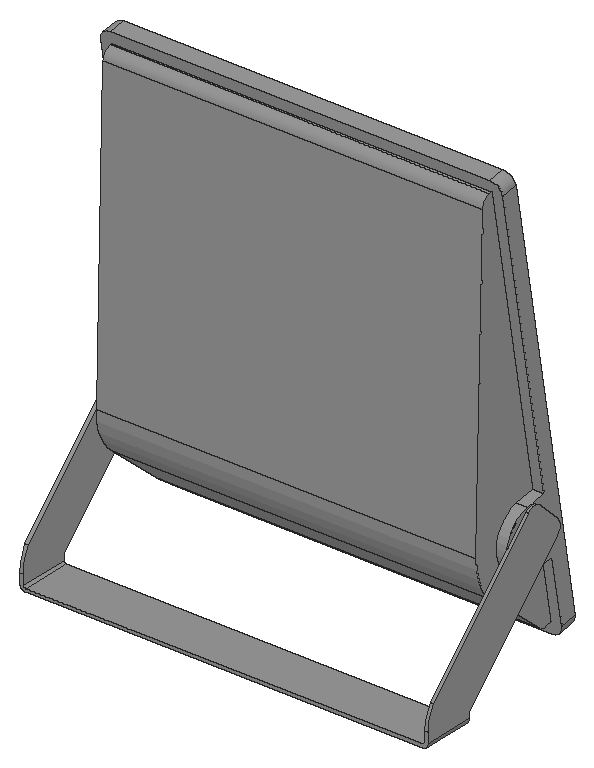
Revit family "0048540", category Lighting Fixtures, host Face, Revit 2017
Family settings
  Host = Face
  Round Connector Dimension = Use Diameter
  Part Type = Normal
  OmniClass Number = 23.80.70.00
  OmniClass Title = Lighting
  Cut with Voids When Loaded = No
  Light Source = No
  Shared = No
  Room Calculation Point = No
Parameters (values of type "0048540 START FLOOD IP66 26KLM 840 WB")
  WingRadius_SYL = 10 mm
  WingLength_SYL = if([50W_SYL], 100 mm, if([100W_SYL], 142 mm, if([150W_SYL], 142 mm, if([200W_SYL], 150 mm, 170 mm))))  # 150 mm
  WidthBracket_SYL = 45 mm
  Weight = "6.2 kg"
  Wattage Comments = ""
  WarrantyStartDate [instance] = "n/a"
  WarrantyGuarantorParts = "n/a"
  WarrantyDurationUnit = "n/a"
  WarrantyDurationParts = "n/a"
  WarrantyDescription = "n/a"
  Voltage = 0 V
  URL = "http://www.sylvania-lighting.com"
  TypeName = "Start Flood IP66 26KLM 840 WB"
  TypeHead_SYL = START Flood IP66 200W luminaire : 0048540
  Type Image = <None>
  Type Comments = "n/a"
  ThicknessBracket_SYL = 3 mm
  SerialNumber [instance] = "n/a"
  RotationAngle_SYL [instance] = -100.00°
  RadiusOutBracket_SYL = 5 mm
  RadiusInBracket_SYL = 2 mm
  Material_3_SYL = none
  PowerFactor = 0.98
  PowerConsumption = "200 W"
  NominalLength = 494 mm
  NominalHeight = 87 mm
  NominalDepth = 395 mm
  Name = "Start Flood IP66 26KLM 840 WB"
  ModelReference = Name  # "Start Flood IP66 26KLM 840 WB"
  ModelNumber = "0048540"
  Model = Name  # "Start Flood IP66 26KLM 840 WB"
  Material = "n/a"
  ManufacturerName = "Feilo Sylvania"
  Manufacturer = "Feilo Sylvania"
  LuminousEfficacy = "138 lm/W"
  LuminaireType = ""
  LightOutputRatio = "n/a"
  LengthIn_SYL = if([50W_SYL], 210 mm, if([100W_SYL], 300 mm, if([150W_SYL], 295 mm, if([200W_SYL], 360 mm, 430 mm))))  # 360 mm
  LampsType = Lamp  # "LED"
  LampNominalLuminous = "27600 lm"
  LampMacAdamStep = "4"
  LampColourTemperature = "4000 K"
  LampColourRenderingIndex = "70"
  Lamp = "LED"
  Keynote = "16500"
  InstallationDate [instance] = "n/a"
  InputVoltage = "n/a"
  InputNominalFrequency = "n/a"
  IngressProtection = "IP66"
  ImpactProtectionIndex = "IK08"
  IfcExportType = "IfcLightFixtureType"
  IfcExportAs = "IfcLightFixtureType"
  EndAngle_SYL [instance] = RotationAngle_SYL + 180.00°  # 80.00°
  ElectricShockClassification = "Class I"
  DocumentationLiterature = "http://www.sylvania-lighting.com/product/en-int/products/0048540"
  DimmingControlOptions = "n/a"
  Material_2_SYL = none
  Description = "Exterior LED Floodlight, comes complete with 1500mm flying lead and adjustable bracket, aluminium housing, clear glass diffuser, IP66, IK08, Class I, 4000K, Non-dimming, 27600lm, 200W, 138lm/W, CRI80, Symmetrical Wide beam angle (60°), 60000 hrs L70B50 lifetime, 494 x 395 x 87mm (LxWxD) dimensions, 6.2kg weight."
  Default Elevation = 1219.2 mm
  CreatedOn = "9/23/2020"
  CreatedBy = "@sylvania-lighting.com"
  Cost = 0
  built-in parameter 1114216 [instance] = (empty or 0)
  ClassificationValue = "EF_70_80"
  ClassificationName = "Uniclass2015"
  Material_1_SYL = Steel, Paint Finish, Dark Gray, Matte
  BarCode [instance] = "n/a"
  AxisOffsetWingEnd_SYL = WidthBracket_SYL / 2  # 22.5 mm
  AxisHeight_SYL = sin(45.00°) * WingLength_SYL  # 106.066 mm
  AxisDepth_SYL = cos(45.00°) * (WingLength_SYL - tan(45.00°) * AxisOffsetWingEnd_SYL - AxisOffsetWingEnd_SYL)  # 74.246 mm
  AssetType = "Fixed"
  AssetIdentifier [instance] = "n/a"
  Assembly Code = "D5020200"
  Apparent Load = 200 VA
  Material_4_SYL = none
  50W_SYL = no
  200W_SYL = yes
  150W_SYL = no
  100W_SYL = no
Reference planes
  plane 1 "Center (Front/Back)": y = 0
  plane 2: z = 0
  plane 3 "Center (Left/Right)": x = 0
  plane 4: x = 183
  plane 5: x = -183
  plane 6: x = 180
  plane 7: x = -180
  plane 8: z = 10
  plane 9: y = 22.5
  plane 10: y = -22.5
  plane 11: z = 3
  plane 12: z = 116.066
  plane 13: y = 96.746
Forms (mm)
  Extrusion 1, solid, material "Steel, Paint Finish, Dark Gray, Matte" <- "Material_1_SYL"
    sketch origin (0, 0, 0) x (1, 0, 0) y (0, 0, 1)
      loop
        arc (178, 0) -> (181.536, 1.464) -> (183, 5) r 5
        line (183, 5) -> (183, 10) -> (180, 10) -> (180, 5)
        arc (180, 5) -> (179.414, 3.586) -> (178, 3) r 2
        line (178, 3) -> (-178, 3)
        arc (-178, 3) -> (-179.414, 3.586) -> (-180, 5) r 2
        line (-180, 5) -> (-180, 10) -> (-183, 10) -> (-183, 5)
        arc (-183, 5) -> (-181.536, 1.464) -> (-178, 0) r 5
        line (-178, 0) -> (178, 0)
    from -22.5 to 22.5
  Extrusion 2, solid, material "Steel, Paint Finish, Dark Gray, Matte" <- "Material_1_SYL"
    sketch origin (180, -4572, 2609.058) x (0, 0, 1) y (0, -1, 0)
      loop
        line (-2599.058, -4594.5) -> (-2500.063, -4693.495)
        arc (-2500.063, -4693.495) -> (-2492.992, -4696.424) -> (-2485.921, -4693.495) r 10
        line (-2485.921, -4693.495) -> (-2468.243, -4675.817)
        arc (-2468.243, -4675.817) -> (-2465.314, -4668.746) -> (-2468.243, -4661.675) r 10
        line (-2468.243, -4661.675) -> (-2574.561, -4555.358)
        arc (-2574.561, -4555.358) -> (-2584.325, -4550.994) -> (-2594.916, -4549.5) r 38.295
        line (-2594.916, -4549.5) -> (-2599.058, -4549.5) -> (-2599.058, -4594.5)
    from 0 to 3
  Extrusion 3, solid, material "Steel, Paint Finish, Dark Gray, Matte" <- "Material_1_SYL"
    sketch origin (-183, -4572, 2609.058) x (0, 0, 1) y (0, -1, 0)
      loop
        arc (-2500.063, -4693.495) -> (-2492.992, -4696.424) -> (-2485.921, -4693.495) r 10
        line (-2485.921, -4693.495) -> (-2468.243, -4675.817)
        arc (-2468.243, -4675.817) -> (-2465.314, -4668.746) -> (-2468.243, -4661.675) r 10
        line (-2468.243, -4661.675) -> (-2574.561, -4555.358)
        arc (-2574.561, -4555.358) -> (-2584.325, -4550.994) -> (-2594.916, -4549.5) r 38.295
        line (-2594.916, -4549.5) -> (-2604.058, -4549.5) -> (-2604.058, -4594.5) -> (-2599.058, -4594.5) -> (-2500.063, -4693.495)
    from 0 to 3
  Revolve 4, solid, not visible
    sketch origin (1223.4, -4572, 116.066) x (0, -1, 0) y (1, 0, 0)
      loop
        line (-4668.746, -1223.4) -> (-4683.746, -1223.4) -> (-4683.746, -1273.4) -> (-4668.746, -1273.4) -> (-4668.746, -1223.4)
      axis (-4668.746, -1223.4) -> (-4668.746, -1273.4)
    angle from -100 <- "RotationAngle_SYL" to 80 <- "EndAngle_SYL"
Cuts and joins
  joined: Extrusion 1, Extrusion 2, Extrusion 3
Lines and regions (mm)
  reference lines
    curve 1: line (0, 22.5, 10) -> (0, 174.528, 162.028)
    curve 2: line (0, 131.244, 182.383) -> (0, -22.5, 28.64)
    curve 3: line (0, 96.746, 147.886) -> (0, 128.566, 116.066)
    curve 4: line (-183, 4.393, 23.713) -> (-183, 172.635, 191.954)
    curve 5: line (0, 80.836, 131.976) -> (0, 112.656, 100.156)
Dimensions and locks
  locked: plane 8 to plane 2 at 10
  equal spacing: plane 10, plane 1 "Center (Front/Back)", plane 9
  "WidthBracket_SYL": plane 10 to plane 9
  "WidthBracket_SYL": curve 1 to curve 2
  "ThicknessBracket_SYL": plane 11 to plane 2
  "WingLength_SYL": curve 1 to curve 3
  level to Extrusion 1 = 10 mm
  equal spacing: plane 6, plane 3 "Center (Left/Right)", plane 7
  "LengthIn_SYL": plane 6 to plane 7
  equal spacing: plane 4, plane 3 "Center (Left/Right)", plane 5
  "ThicknessBracket_SYL": plane 7 to plane 5
  equal spacing: curve 1, curve 4, curve 2
  "AxisOffsetWingEnd_SYL": curve 3 to curve 5
  "AxisHeight_SYL": plane 12 to plane 8
  "AxisDepth_SYL": plane 9 to plane 13
  "RadiusInBracket_SYL": radius of Extrusion 1 sketch curve  (x2)
  "RadiusOutBracket_SYL": radius of Extrusion 1 sketch curve  (x2)
  "WingRadius_SYL": radius of Extrusion 2 sketch curve  (x2)
  locked: plane 8 to curve 1 (angle 45.00°)
  locked: plane 8 to curve 2 (angle 45.00°)
  aligned and locked: plane 2 to host face
  aligned and locked: level to host face
  aligned and locked: plane 9 to curve 1
  aligned and locked: plane 8 to curve 1
  aligned and locked: plane 10 to curve 2
  aligned and locked: plane 5 to Extrusion 1 sketch curve
  aligned and locked: plane 8 to Extrusion 1 sketch curve  (x2)
  aligned and locked: Extrusion 1 sketch curve to plane 7
  aligned and locked: plane 11 to Extrusion 1 sketch curve
  aligned and locked: plane 6 to Extrusion 1 sketch curve
  aligned and locked: Extrusion 1 sketch curve to plane 4
  aligned and locked: Extrusion 1 to plane 9
  aligned and locked: plane 10 to Extrusion 1
  aligned and locked: Extrusion 2 sketch curve to curve 1
  aligned and locked: curve 2 to Extrusion 2 sketch curve
  aligned and locked: plane 10 to Extrusion 2 sketch curve
  aligned and locked: Extrusion 2 sketch curve to Extrusion 1
  aligned and locked: plane 4 to Extrusion 2
  aligned and locked: Extrusion 2 to plane 6
  aligned and locked: plane 7 to Extrusion 3
  aligned and locked: Extrusion 3 to plane 5
  aligned and locked: cut or joined group of Extrusion 1, Extrusion 2, Extrusion 3 to curve 5  (x2)
  aligned and locked: Revolve 4 sketch curve to plane 13  (x2)
  aligned and locked: Revolve 4 sketch curve to curve 3
  aligned and locked: curve 2 to plane 3 "Center (Left/Right)"
  aligned and locked: nested 1 to plane 3 "Center (Left/Right)"
  aligned and locked: plane 3 "Center (Left/Right)" to nested 1
  aligned and locked: Extrusion 3 sketch curve to cut or joined group of Extrusion 1, Extrusion 2, Extrusion 3  (x5)
  aligned and locked: cut or joined group of Extrusion 1, Extrusion 2, Extrusion 3 to Extrusion 3 sketch curve
Automatic sketch dimensions
  host sketch curve to host sketch curve = 2438.4 mm  (x2)
  curve 4 to plane 1 "Center (Front/Back)" = 4.393 mm
  curve 4 to plane 9 = 150.135 mm
  Revolve 4 sketch curve to Revolve 4 sketch curve = 15 mm
  Revolve 4 sketch curve to plane 3 "Center (Left/Right)" = 50 mm
  Revolve 4 sketch curve to plane 5 = 1316.635 mm
  plane 4 to Revolve 4 sketch curve = 1441.773 mm
  Extrusion 3 sketch curve to plane 10 = 5.858 mm
  plane 12 to Extrusion 3 sketch curve = 7.071 mm
  Extrusion 3 sketch curve to plane 12 = 7.071 mm
  Extrusion 3 sketch curve to Extrusion 3 sketch curve = 7.071 mm
  plane 13 to Extrusion 3 sketch curve = 7.071 mm
  Extrusion 1 sketch curve to Extrusion 1 sketch curve = 0 mm  (x2)
  plane 12 to Extrusion 2 sketch curve = 0 mm
  Extrusion 2 sketch curve to plane 13 = 0 mm
  Extrusion 2 sketch curve to Extrusion 2 sketch curve = 4.142 mm
  Extrusion 2 sketch curve to plane 10 = 5.858 mm
  plane 12 to Extrusion 2 sketch curve = 7.071 mm
  Extrusion 2 sketch curve to plane 12 = 7.071 mm
  plane 13 to Extrusion 2 sketch curve = 7.071 mm
  Extrusion 2 sketch curve to plane 13 = 7.071 mm
Nested families
  nested 1: "START Flood IP66 200W luminaire" at (0, 96.746, 116.066) x (-1, 0, 0) z (0, 0.9848, 0.1736), type <- "TypeHead_SYL", type "0048540"
    with built-in parameter 1114216 (empty or 0), Apparent Load 200 VA
Connectors
  electrical at (4.2, 0, 0), driven by "Voltage", driven by "Apparent Load", driven by "PowerFactor"
    settings: on host face, index 1, voltage 0 V, apparent load 200 VA, apparent load phase1 0 VA, apparent load phase2 0 VA, apparent load phase3 0 VA, power factor 0.98, load classification "Other", number of poles 1, system type 30, power factor state 1, is connector primary yes, connector utility no, sub classification motor no, connector description ""
Definition of nested family "START Flood IP66 200W luminaire"
  Parameters (values of type "0048213 Start Flood IP66 27500lm 740 ASYM")
    WidthHead_SYL = if([50W_SYL], 210 mm, if([100W_SYL], 300 mm, if([150W_SYL], 295 mm, if([200W_SYL], 360 mm, 430 mm))))  # 360 mm
    Wattage Comments = "n/a"
    Wattage = 199 W
    built-in parameter 1150110 = 1 (stored number, unit not read)
    URL = "http://www.sylvania-lighting.com"
    Type Image = (empty or 0)
    Type Comments = "n/a"
    built-in parameter 1114217 = 1 (stored number, unit not read)
    Tilt Angle = -90.00°
    built-in parameter 1150109 = 1 (stored number, unit not read)
    built-in parameter 1150134 = 12
    built-in parameter 1150113 = 1 (stored number, unit not read)
    ScreenThickness_SYL = 14.5 mm  # constant formula
    ReflectorOffset_SYL = 12 mm  # constant formula
    ReflectorOffsetIn_SYL = RadiusReflectorFront_SYL  # 30 mm
    ReflectorHeight_SYL = if([50W_SYL], 145 mm, if([100W_SYL], 165 mm, if([150W_SYL], 210 mm, if([200W_SYL], 240 mm, 290 mm))))  # 240 mm
    RadiusReflectorIn_SYL = 5 mm  # constant formula
    RadiusReflectorFront_SYL = if([50W_SYL], 30 mm, if([100W_SYL], 30 mm, if([150W_SYL], 30 mm, if([200W_SYL], 30 mm, 35 mm))))  # 30 mm
    RadiusHinge_SYL = RadiusBack_SYL / 1.8  # 27.778 mm
    RadiusBack_SYL = if([50W_SYL], 31.3 mm, if([100W_SYL], 40 mm, if([150W_SYL], 40 mm, if([200W_SYL], 50 mm, 55 mm))))  # 50 mm
    Photometric Web File = "0048213.ies"
    OffsetBack_SYL = 10 mm  # constant formula
    Material_5_SYL = none
    Material_3_SYL = none
    Model = "Start Flood IP66 27500lm 740 ASYM"
    Manufacturer = "Feilo Sylvania"
    built-in parameter 1150105 = 14256.2 (stored number, unit not read)
    Lumens = 26865 lm
    built-in parameter 1150115 = 1 (stored number, unit not read)
    built-in parameter 1150137 = (empty or 0)
    built-in parameter 1150139 = (empty or 0)
    built-in parameter 1150112 = 1 (stored number, unit not read)
    built-in parameter 1150114 = 1 (stored number, unit not read)
    Lamp = "LED"
    Keynote = "16500"
    Material_2_SYL = none
    built-in parameter 1150132 = (empty or 0)
    built-in parameter 1150102 = (empty or 0)
    built-in parameter 1150107 = 4000 (stored number, unit not read)
    built-in parameter 1150138 = (empty or 0)
    built-in parameter 1150106 = 142.56 (stored number, unit not read)
    HeightHead_SYL = if([50W_SYL], 250 mm, if([100W_SYL], 320 mm, if([150W_SYL], 367 mm, if([200W_SYL], 400 mm, 470 mm))))  # 400 mm
    Emit from Rectangle Width = WidthHead_SYL - 4 mm - ReflectorOffset_SYL * 2 - ReflectorOffsetIn_SYL * 2  # 272 mm
    Emit from Rectangle Length = ReflectorHeight_SYL - ReflectorOffsetIn_SYL * 2  # 180 mm
    Emit Shape Visible in Rendering = no
    built-in parameter 1150104 = 12.542 (stored number, unit not read)
    Dimming Lamp Color Temperature Shift = (empty or 0)
    Description = ""
    Default Elevation = 1219.2 mm
    Cost = 0
    Color Filter = 16777215
    built-in parameter 1114216 [instance] = (empty or 0)
    Material_1_SYL = none
    Chamfer_SYL = if([50W_SYL], 15 mm, if([100W_SYL], 15 mm, if([150W_SYL], 15 mm, if([200W_SYL], 15 mm, 20 mm))))  # 15 mm
    built-in parameter 1114218 = 1 (stored number, unit not read)
    AxisOffsetBottom_SYL = if([50W_SYL], 68 mm, if([100W_SYL], 80 mm, if([150W_SYL], 92.2 mm, if([200W_SYL], 99.7 mm, 117 mm))))  # 99.7 mm
    AxisOffsetFront_SYL = if([50W_SYL], 28.4 mm, if([100W_SYL], 33.2 mm, if([150W_SYL], 33.2 mm, if([200W_SYL], 32.9 mm, 38.3 mm))))  # 32.9 mm
    built-in parameter 1150133 = 10 (stored number, unit not read)
    Assembly Code = "D5020200"
    Apparent Load = 199 VA
    Material_4_SYL = none
    50W_SYL = no
    200W_SYL = yes
    150W_SYL = no
    100W_SYL = no
  Types (2, lengths in mm): name | Photometric Web File | Model | built-in parameter 1150105 | Lumens | built-in parameter 1150106 | built-in parameter 1150104
    0048213 Start Flood IP66 27500lm 740 ASYM | "0048213.ies" | "Start Flood IP66 27500lm 740 ASYM" | 14256.2 (stored number, unit not read) | 26865 lm | 142.56 (stored number, unit not read) | 12.542 (stored number, unit not read)
    0048212 Start Flood IP66 27500lm 740 WB | "0048212.ies" | "Start Flood IP66 27500lm 740 WB" | 31865.5 (stored number, unit not read) | 28656 lm | 318.65 (stored number, unit not read) | 13.378 (stored number, unit not read)
  Reference planes
    plane 1 "Center (Front/Back)": y = 0
    plane 2: z = 0
    plane 3 "Center (Left/Right)": x = 0
    plane 4: x = 180
    plane 5: x = -180
    plane 6: y = -99.7
    plane 7: y = 300.3
    plane 8: z = 32.9
    plane 9: z = 18.4
    plane 10: y = 290.3
    plane 11: y = -89.7
    plane 12: x = -170
    plane 13: x = 170
    plane 14: x = -178
    plane 15: y = 298.3
    plane 16: x = 178
    plane 17: y = -97.7
    plane 18: y = 283.3
    plane 19: x = 163
    plane 20: x = -163
    plane 21: y = -82.7
    plane 22: z = 30.9
    plane 23: z = 8.4
    plane 24: x = -166
    plane 25: y = 286.3
    plane 26: x = 166
    plane 27: y = 46.3
    plane 28: x = -136
    plane 29: y = 76.3
    plane 30: x = 136
    plane 31: y = 256.3
    plane 32: y = 166.3
  Forms (mm)
    Extrusion 1, solid
      sketch origin (4.2, 0, 0) x (1, 0, 0) y (0, 1, 0)
        loop
          line (-1219.2, 1219.2) -> (-1219.2, -1219.2) -> (1219.2, -1219.2) -> (1219.2, 1219.2) -> (-1219.2, 1219.2)
      from 0 to -68.017
    Extrusion 2, solid, material <- "Material_1_SYL"
      sketch origin (0, 1219.2, 32.9) x (1, 0, 0) y (0, -1, 0)
        loop
          line (-170, 918.9) -> (170, 918.9)
          arc (170, 918.9) -> (177.071, 921.829) -> (180, 928.9) r 10
          line (180, 928.9) -> (180, 1308.9)
          arc (180, 1308.9) -> (177.071, 1315.971) -> (170, 1318.9) r 10
          line (170, 1318.9) -> (-170, 1318.9)
          arc (-170, 1318.9) -> (-177.071, 1315.971) -> (-180, 1308.9) r 10
          line (-180, 1308.9) -> (-180, 928.9)
          arc (-180, 928.9) -> (-177.071, 921.829) -> (-170, 918.9) r 10
      from 0 to 14.5
    Extrusion 3, void
      sketch origin (0, 1219.2, 32.9) x (1, 0, 0) y (0, -1, 0)
        loop
          line (-163, 920.9) -> (163, 920.9) -> (178, 935.9) -> (178, 1301.9) -> (163, 1316.9) -> (-163, 1316.9) -> (-178, 1301.9) -> (-178, 935.9) -> (-163, 920.9)
      from 0 to 2
    Blend 4, void
      base sketch origin (0, 1219.2, 30.9) x (0, -1, 0) y (1, 0, 0)
        loop
          arc (932.9, -136) -> (941.687, -157.213) -> (962.9, -166) r 30
          line (962.9, -166) -> (1142.9, -166)
          arc (1142.9, -166) -> (1164.113, -157.213) -> (1172.9, -136) r 30
          line (1172.9, -136) -> (1172.9, 136)
          arc (1172.9, 136) -> (1164.113, 157.213) -> (1142.9, 166) r 30
          line (1142.9, 166) -> (962.9, 166)
          arc (962.9, 166) -> (941.687, 157.213) -> (932.9, 136) r 30
          line (932.9, 136) -> (932.9, -136)
      top sketch origin (0, 1219.2, 30.9) x (0, -1, 0) y (1, 0, 0)
        loop
          arc (962.9, -133) -> (964.744, -135.183) -> (967.483, -136) r 5
          line (967.483, -136) -> (1137.9, -136)
          arc (1137.9, -136) -> (1141.436, -134.536) -> (1142.9, -131) r 5
          line (1142.9, -131) -> (1142.9, 131)
          arc (1142.9, 131) -> (1141.436, 134.536) -> (1137.9, 136) r 5
          line (1137.9, 136) -> (967.9, 136)
          arc (967.9, 136) -> (964.364, 134.536) -> (962.9, 131) r 5
          line (962.9, 131) -> (962.9, -133)
      from 0 to -22.5
    Extrusion 5, solid, material <- "Material_1_SYL"
      sketch origin (0, 0, 0) x (0, 1, 0) y (0, 0, 1)
        loop
          line (-89.7, 18.4) -> (-89.7, 13.172)
          arc (-89.7, 13.172) -> (-88.725, 8.865) -> (-85.991, 5.398) r 10
          line (-85.991, 5.398) -> (-33.861, -36.789)
          arc (-33.861, -36.789) -> (-12.912, -48.304) -> (10.987, -48.778) r 50
          line (10.987, -48.778) -> (282.306, 6.763)
          arc (282.306, 6.763) -> (288.048, 10.238) -> (290.3, 16.56) r 10
          line (290.3, 16.56) -> (290.3, 18.4) -> (-89.7, 18.4)
      from -170 to 170
    Extrusion 6, solid, material <- "Material_4_SYL"
      sketch origin (0, 1219.2, 30.9) x (1, 0, 0) y (0, -1, 0)
        loop
          line (163, 920.9) -> (178, 935.9) -> (178, 1301.9) -> (163, 1316.9) -> (-163, 1316.9) -> (-178, 1301.9) -> (-178, 935.9) -> (-163, 920.9) -> (163, 920.9)
      from -2 to 0
    Extrusion 7, solid, material <- "Material_1_SYL"
      sketch origin (0, 0, 0) x (0, 1, 0) y (0, 0, 1)
        loop
          arc (-27.778, 0) -> (0, -27.778) -> (27.778, 0) r 27.778
          line (27.778, 0) -> (27.778, 18.4) -> (-27.778, 18.4) -> (-27.778, 0)
      from -180 to 180
  Cuts and joins
    Extrusion 3, Blend 4 cuts Extrusion 2
    joined: Extrusion 2, Extrusion 5, Extrusion 7
  Lines and regions (mm)
    Split face 1
      outline origin (0, 1219.2, 32.9) x (1, 0, 0) y (0, 1, 0)
        loop
          arc (136, -1172.9) -> (157.213, -1164.113) -> (166, -1142.9) r 30
          line (166, -1142.9) -> (166, -962.9)
          arc (166, -962.9) -> (157.213, -941.687) -> (136, -932.9) r 30
          line (136, -932.9) -> (-136, -932.9)
          arc (-136, -932.9) -> (-157.213, -941.687) -> (-166, -962.9) r 30
          line (-166, -962.9) -> (-166, -1142.9)
          arc (-166, -1142.9) -> (-157.213, -1164.113) -> (-136, -1172.9) r 30
          line (-136, -1172.9) -> (136, -1172.9)
    reference lines
      curve 1: circle (0, 0, 0) r 50 normal (1, 0, 0)
      curve 2: line (-136, 286.3, 32.9) -> (136, 286.3, 32.9)
      curve 3: line (-166, 76.3, 32.9) -> (-166, 256.3, 32.9)
      curve 4: line (136, 46.3, 32.9) -> (-136, 46.3, 32.9)
      curve 5: line (166, 256.3, 32.9) -> (166, 76.3, 32.9)
      curve 6: arc (-136, 286.3, 32.9) -> (-157.213, 277.513, 32.9) -> (-166, 256.3, 32.9) r 30
      curve 7: arc (136, 286.3, 32.9) -> (157.213, 277.513, 32.9) -> (166, 256.3, 32.9) r 30
      curve 8: arc (-166, 76.3, 32.9) -> (-157.213, 55.087, 32.9) -> (-136, 46.3, 32.9) r 30
      curve 9: arc (136, 46.3, 32.9) -> (157.213, 55.087, 32.9) -> (166, 76.3, 32.9) r 30
      curve 10: line (-133, 256.3, 32.9) -> (131, 256.3, 32.9)
      curve 11: line (-136, 81.3, 32.9) -> (-136, 251.717, 32.9)
      curve 12: line (131, 76.3, 32.9) -> (-131, 76.3, 32.9)
      curve 13: line (136, 251.3, 32.9) -> (136, 81.3, 32.9)
      curve 14: arc (-133, 256.3, 32.9) -> (-135.183, 254.456, 32.9) -> (-136, 251.717, 32.9) r 5
      curve 15: arc (-131, 76.3, 32.9) -> (-134.536, 77.764, 32.9) -> (-136, 81.3, 32.9) r 5
      curve 16: arc (136, 81.3, 32.9) -> (134.536, 77.764, 32.9) -> (131, 76.3, 32.9) r 5
      curve 17: arc (131, 256.3, 32.9) -> (134.536, 254.836, 32.9) -> (136, 251.3, 32.9) r 5
      curve 18: circle (0, 0, 0) r 27.778 normal (1, 0, 0)
  Dimensions and locks
    equal spacing: plane 4, plane 3 "Center (Left/Right)", plane 5
    "WidthHead_SYL": plane 4 to plane 5
    "AxisOffsetBottom_SYL": plane 6 to plane 1 "Center (Front/Back)"
    "HeightHead_SYL": plane 6 to plane 7
    "AxisOffsetFront_SYL": plane 8 to plane 2
    "ScreenThickness_SYL": plane 9 to plane 8
    equal spacing: plane 12, plane 3 "Center (Left/Right)", plane 13
    "OffsetBack_SYL": plane 5 to plane 12
    "OffsetBack_SYL": plane 10 to plane 7
    "OffsetBack_SYL": plane 6 to plane 11
    locked: plane 6 to plane 17 at 2
    locked: plane 16 to plane 4 at 2
    locked: plane 5 to plane 14 at 2
    locked: plane 15 to plane 7 at 2
    "Chamfer_SYL": plane 19 to plane 16
    "Chamfer_SYL": plane 14 to plane 20
    "Chamfer_SYL": plane 18 to plane 15
    locked: plane 22 to plane 8 at 2
    "Chamfer_SYL": plane 17 to plane 21
    locked: plane 23 to plane 9 at 10
    equal spacing: plane 24, plane 3 "Center (Left/Right)", plane 26
    "ReflectorOffset_SYL": plane 25 to plane 15
    "ReflectorHeight_SYL": plane 27 to plane 25
    "ReflectorOffset_SYL": plane 14 to plane 24
    "ReflectorOffsetIn_SYL": plane 31 to plane 25
    "ReflectorOffsetIn_SYL": plane 24 to plane 28
    "ReflectorOffsetIn_SYL": plane 27 to plane 29
    "ReflectorOffsetIn_SYL": plane 30 to plane 26
    level to Extrusion 7 = 18.4 mm
    equal spacing: plane 29, plane 32, plane 31
    "RadiusBack_SYL": radius of curve 1
    "OffsetBack_SYL": radius of Extrusion 2 sketch curve  (x4)
    "RadiusReflectorFront_SYL": radius of curve 6
    "RadiusReflectorFront_SYL": radius of curve 8
    "RadiusReflectorFront_SYL": radius of curve 9
    "RadiusReflectorFront_SYL": radius of curve 7
    "RadiusReflectorIn_SYL": radius of curve 14
    "RadiusReflectorIn_SYL": radius of curve 15
    "RadiusReflectorIn_SYL": radius of curve 16
    "RadiusReflectorIn_SYL": radius of curve 17
    radius of Extrusion 5 sketch curve = 10 mm  (x2)
    "RadiusHinge_SYL": radius of curve 18
    aligned and locked: plane 2 to Extrusion 1
    aligned and locked: level to Extrusion 1
    aligned and locked: Extrusion 2 sketch curve to plane 7
    aligned and locked: plane 12 to Extrusion 2 sketch curve  (x2)
    aligned and locked: plane 13 to Extrusion 2 sketch curve  (x2)
    aligned and locked: plane 10 to Extrusion 2 sketch curve
    aligned and locked: plane 11 to Extrusion 2 sketch curve  (x2)
    aligned and locked: plane 9 to Extrusion 2
    aligned and locked: Extrusion 2 to plane 8
    aligned and locked: plane 20 to Extrusion 3 sketch curve
    aligned and locked: plane 18 to Extrusion 3 sketch curve
    aligned and locked: plane 14 to Extrusion 3 sketch curve
    aligned and locked: plane 17 to Extrusion 3 sketch curve
    aligned and locked: Extrusion 3 sketch curve to plane 16
    aligned and locked: plane 19 to Extrusion 3 sketch curve
    aligned and locked: plane 15 to Extrusion 3 sketch curve
    aligned and locked: plane 22 to Extrusion 3
    aligned and locked: Extrusion 3 to plane 8
    aligned and locked: curve 2 to plane 25
    aligned and locked: curve 3 to plane 24
    aligned and locked: plane 27 to curve 4
    aligned and locked: plane 26 to curve 5
    aligned and locked: curve 10 to plane 31
    aligned and locked: curve 11 to plane 28
    aligned and locked: plane 29 to curve 12
    aligned and locked: plane 30 to curve 13
    aligned and locked: Blend 4 sketch curve to curve 6
    aligned and locked: Blend 4 sketch curve to curve 8
    aligned and locked: Blend 4 sketch curve to curve 9
    aligned and locked: Blend 4 sketch curve to curve 7
    aligned and locked: Blend 4 sketch curve to curve 10
    aligned and locked: Blend 4 sketch curve to curve 17
    aligned and locked: Blend 4 sketch curve to curve 16
    aligned and locked: Blend 4 sketch curve to curve 15
    aligned and locked: Blend 4 sketch curve to curve 14
    aligned and locked: Blend 4 to plane 22
    aligned and locked: Extrusion 5 sketch curve to curve 1
    aligned and locked: Extrusion 5 to plane 12
    aligned and locked: plane 13 to Extrusion 5
    aligned and locked: plane 23 to Blend 4
    aligned and locked: Extrusion 6 sketch curve to cut or joined group of Extrusion 2, Extrusion 3, Blend 4, Extrusion 5, Extrusion 7  (x8)
    aligned and locked: plane 22 to Extrusion 6
    aligned and locked: Extrusion 6 to plane 8
    aligned and locked: Split face 1 sketch curve to cut or joined group of Extrusion 2, Extrusion 3, Blend 4, Extrusion 5, Extrusion 7  (x4)
    aligned and locked: Extrusion 7 sketch curve to curve 18
    aligned and locked: plane 9 to Extrusion 7 sketch curve  (x2)
    aligned and locked: plane 4 to Extrusion 7
    aligned and locked: Extrusion 7 to plane 5
    aligned and locked: plane 3 "Center (Left/Right)" to imposter light
    aligned and locked: plane 32 to imposter light
    aligned and locked: imposter light to plane 8
  Automatic sketch dimensions
    Extrusion 1 sketch curve to Extrusion 1 sketch curve = 2438.4 mm  (x2)
    Extrusion 3 sketch curve to plane 20 = 0 mm
    Extrusion 3 sketch curve to plane 19 = 0 mm
    plane 21 to Extrusion 3 sketch curve = 0 mm  (x2)
    plane 18 to Extrusion 3 sketch curve = 0 mm
    plane 28 to curve 10 = 3 mm
    plane 23 to Extrusion 5 sketch curve = 3.002 mm
    plane 18 to Extrusion 5 sketch curve = 0.994 mm
    Extrusion 5 sketch curve to plane 11 = 0 mm
    Extrusion 5 sketch curve to plane 10 = 0 mm
    plane 9 to Extrusion 5 sketch curve = 0 mm
    Extrusion 5 sketch curve to plane 11 = 3.709 mm
    plane 1 "Center (Front/Back)" to Extrusion 5 sketch curve = 33.861 mm
    Extrusion 5 sketch curve to plane 1 "Center (Front/Back)" = 10.987 mm
    plane 23 to Extrusion 5 sketch curve = 1.637 mm
    curve 1 to curve 18 = 0 mm  (x2)
    curve 18 to level = 0 mm
    curve 18 to plane 1 "Center (Front/Back)" = 0 mm
    Extrusion 7 sketch curve to level = 0 mm
